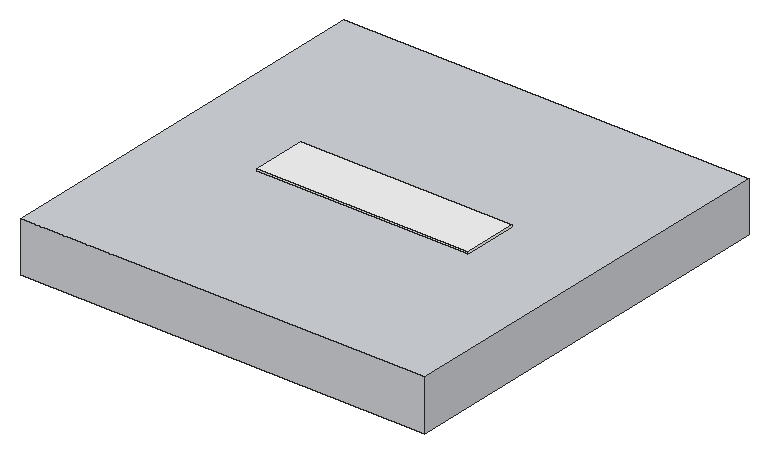
Revit family "EL-LF-BH4232A2AHN_()0000003122_Facebased_ver-2-0_2022_tsuujou_LDL40TN1725G3", category 照明器具, Revit 2022
Family settings
  ホスト = 面
  丸型コネクタ寸法 = 直径を使用
  パーツ タイプ = 標準
  ロード時にボイドで切り取り = はい
  光源 = いいえ
  注釈の向きを維持 = いいえ
  共有 = いいえ
  部屋計算ポイント = いいえ
Parameters (values of type "_固定出力_初期照度補正機能搭載なし__")
  電源種別_記号 = ""
  電源種別 = ""
  電圧指定 = 1
  防災用照明器具電源種別 = ""
  防災用照明器具種類 = ""
  開口部寸法(径) = 0 mm
  開口部寸法(幅) = 1240 mm
  開口部寸法(奥行) = 300 mm
  配光角 = 0
  運転質量 = 0.00 kg
  質量 = 0.00 kg
  負荷分類 = none
  Description = ""
  誘導灯形式 = ""
  誘導灯仕様 = ""
  認定番号 = ""
  設置面露出寸法 [instance] = 8 mm
  設置方法 = "埋込"
  記号 = ""
  製造元 = "三菱電機照明株式会社"
  製品質量 = 0.00 kg
  製品出荷対象 = ""
  製品リリース年月 = ""
  製品グループ = ""
  背面形式 = ""
  系統2 [instance] = ""
  系統 [instance] = ""
  符号 = ""
  積算_科目2 = ""
  積算_科目 = "1 電灯設備"
  積算_拾い区分 [instance] = ""
  種別 [instance] = ""
  相 = 1
  直径 = 0 mm
  盤記号2 [instance] = ""
  盤記号 [instance] = ""
  Apparent Load = 定格入力電圧 * 定格入力電流  # 43 VA
  用途 = ""
  特殊仕様 [instance] = ""
  built-in parameter 1140040 [instance] = 1
  照明制御装置の種類 = ""
  消費電力3 = 42.0 W
  消費電力2 = 42.0 W
  消費電力1 = 42.0 W
  法定耐用年数 = ""
  極数 = 1
  材質_本体 = none
  材質_反射板 = none
  材質_ルーバー = none
  材質_カバー = none
  材質 [instance] = ""
  本体 [instance] = 本体(グレー)
  Default Elevation = 1219.2 mm
  形式 = "埋込"
  平均演色評価数(Ra) = 83
  定格消費電力 = if(電圧指定 = 1, 消費電力1, if(電圧指定 = 2, 消費電力2, if(電圧指定 = 3, 消費電力3, 消費電力1)))  # 42.0 W
  定格入力電流 = if(電圧指定 = 1, 入力電流1, if(電圧指定 = 2, 入力電流2, if(電圧指定 = 3, 入力電流3, 入力電流1)))  # 0.430 A
  定格入力電圧 = if(電圧指定 = 1, [入力電圧1(電圧指定=1)], if(電圧指定 = 2, [入力電圧2(電圧指定=2)], if(電圧指定 = 3, [入力電圧3(電圧指定=3)], [入力電圧1(電圧指定=1)])))  # 100 V
  定格入力容量 = 定格入力電圧 * 定格入力電流  # 43 VA
  定格光束 = 0 lm
  安定器_蛍光灯 = ""
  安定器_定格電圧 = 0 V
  安定器_入力電流 = 0.000 A
  安定器_入力電力 = 0.0 W
  安定器_二次電圧 = 0 V
  固有エネルギー消費効率(lm/W) = 32.8571
  器具サイズ = ""
  呼称 = "Lﾌｧｲﾝecoｼﾘｰｽﾞ非常灯"
  周波数 = 0 Hz
  名称 [instance] = ""
  参照している仕様書等のバージョン = ""
  分類コード = "40300000000000"
  分類グループ = ""
  公共型番 = ""
  入力電流3 = 0.180 A
  入力電流2 = 0.220 A
  入力電流1 = 0.430 A
  入力電圧3(電圧指定=3) = 242 V
  入力電圧2(電圧指定=2) = 200 V
  入力電圧1(電圧指定=1) = 100 V
  光源 [instance] = 光源
  保守率(3)悪いのコメント = "保守率悪いの場合：0.72"
  保守率(2)普通のコメント = "保守率普通の場合：0.81"
  保守率(1)良いのコメント = "保守率良いの場合：0.86"
  企業コード = "118713"
  付属品 [instance] = ""
  仕様書バージョン = ""
  仕様 = ""
  ランプの種類 = ""
  ランプ_電流 = 0.000 A
  ランプ_本数 = 2
  ランプ_定格消費電力 = 0.0 W
  ランプ_定格消費効率(lm/W) = 0
  ランプ_大きさ = ""
  ランプ_全光束 = 5000 lm
  ランプ = "LDL40T･N/17/25･G3"
  モデル = "EL-LF-BH4232A/2 AHN"
  サービススペース = no
  コンバート開始日時 = "2023年09月08日(金) 11時15分52秒662"
  Type Comments = ""
  コメント [instance] = ""
  グレア分類 = ""
  カバー形状 = ""
  Assembly Code = ""
  Width = 1274 mm
  Version = ""
  Uniclass2015Version = ""
  Uniclass2015Title = ""
  Uniclass2015Code = ""
  URL = "https://www.mitsubishielectric.co.jp/group/mlf/"
  SpecificationReference = ""
  SpecificationDescription = ""
  Revision = ""
  ProductInformation = ""
  OmniClassCode = ""
  LED制御装置 = "一般形(LN)"
  IfcTypeProduct = ""
  IfcProduct = ""
  IfcExportType = ""
  IfcExportAs = "IfcLightFixtureType"
  Height = 123 mm
  FamilyVersion = ""
  Depth = 330 mm
  Clearance Top = 0 mm
  Clearance Right = 0 mm
  Clearance Left = 0 mm
  Clearance Front = 0 mm
  Clearance Bottom = 0 mm
  Clearance Back = 0 mm
  Author = "三菱電機照明"
Reference planes
  plane 1 "中心(正面/背面)": y = 0
  plane 2: z = 0
  plane 3 "中心(左/右)": x = 0
  plane 4 "光源高さ": z = 8
  plane 5 "正面": y = -165
  plane 6 "背面": y = 165
  plane 7 "前後芯": y = 0
  plane 8 "左": x = -637
  plane 9 "右": x = 637
  plane 10 "左右芯": x = 0
  plane 11 "上": z = -115
Forms (mm)
  Extrusion 1, solid
    sketch origin (0, 0, 0) x (1, 0, 0) y (0, 1, 0)
      loop
        line (-1219.2, 1219.2) -> (-1219.2, -1219.2) -> (1219.2, -1219.2) -> (1219.2, 1219.2) -> (-1219.2, 1219.2)
    from 0 to -304.8
  Extrusion 2, solid
    sketch origin (1524, 2097.409, 8) x (0, 1, 0) y (1, 0, 0)
      loop
        line (-2262.409, -2161) -> (-1932.409, -2161) -> (-1932.409, -887) -> (-2262.409, -887) -> (-2262.409, -2161)
    from 0 to 123
Dimensions and locks
  "Width": plane 8 "左" to plane 9 "右"
  equal spacing: plane 8 "左", plane 10 "左右芯", plane 9 "右"
  "Depth": plane 5 "正面" to plane 6 "背面"
  equal spacing: plane 5 "正面", plane 7 "前後芯", plane 6 "背面"
  "Height": plane 11 "上" to plane 4 "光源高さ"
  "設置面露出寸法": level to plane 4 "光源高さ"
  aligned and locked: plane 2 to Extrusion 1
  aligned and locked: level to Extrusion 1
  aligned and locked: plane 11 "上" to Extrusion 2
  aligned and locked: Extrusion 2 to plane 4 "光源高さ"
  aligned and locked: plane 9 "右" to Extrusion 2
  aligned and locked: Extrusion 2 to plane 8 "左"
  aligned and locked: plane 5 "正面" to Extrusion 2
  aligned and locked: Extrusion 2 to plane 6 "背面"
Automatic sketch dimensions
  Extrusion 1 sketch curve to Extrusion 1 sketch curve = 2438.4 mm  (x2)
  plane 5 "正面" to Extrusion 2 sketch curve = 0 mm
  plane 6 "背面" to Extrusion 2 sketch curve = 0 mm
  Extrusion 2 sketch curve to plane 9 "右" = 0 mm
  Extrusion 2 sketch curve to plane 8 "左" = 0 mm
Connectors
  electrical at (0, 0, -115)
    settings: on Extrusion 2, index 1, voltage 0 V, apparent load 0 VA, apparent load phase1 0 VA, apparent load phase2 0 VA, apparent load phase3 0 VA, power factor 1, load classification "その他", number of poles 1, system type 31, power factor state 1, is connector primary yes, connector utility no, sub classification motor no, connector description ""
